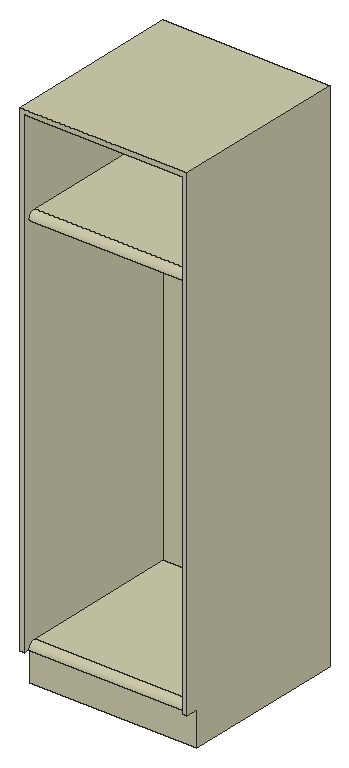
Revit family "Wenger Cabinet 09", category Furniture, Revit 2011
Parameters (values of type "Standard Cabinet #9")
  URL = "http://www.wengercorp.com/Home/Contact.html"
  Toekick Material [instance] = none
  RH End Panel [instance] = no
  Model = "09"
  Manufacturer = "Wenger Corporation"
  LH End Panel [instance] = no
  End Panel Material [instance] = none
  Edge Banding Material [instance] = none
  Door Material [instance] = none
  Description = "Standard Cabinet #9"
  Cabinet Width = 27 1/2"
  Cabinet Label = Labels : Standard
  Cabinet Height = 85 5/8"
  Cabinet Depth = 29 1/4"
  Cabinet Back Thickness = 3/4"
  Assembly Code = ""
Types (4): name | Model | Description | Cabinet Width | Cabinet Label | Cabinet Depth | Cabinet Back Thickness
  Standard Cabinet #9 | "09" | "Standard Cabinet #9" | 27 1/2" | Labels : Standard | 29 1/4" | 3/4"
  Acoustic Cabinet #9 | "09A" | "Acoustic Cabinet #9" | 27 1/2" | Labels : Acoustic | 31 3/4" | 3 1/4"
  Narrow Acoustic Cabinet #9 | "09NA" | "Narrow Acoustic Cabinet #9" | 21 1/2" | Labels : Narrow Acoustic | 31 3/4" | 3 1/4"
  Narrow Cabinet #9 | "09N" | "Narrow Cabinet #9" | 21 1/2" | Labels : Narrow | 29 1/4" | 3/4"
Reference planes (in)
  plane 1 "Front": y = 0
  plane 2: z = 0
  plane 3 "Left": x = 0
  plane 4 "Right": x = 27.5
  plane 5 "Back": y = 29.25
  plane 6 "Top": z = 85.625
  plane 7: z = 5.625
  plane 8: z = 69.025
  plane 9: x = 0.75
  plane 10: x = 26.75
  plane 11: z = 84.875
  plane 12: y = 28.5
  plane 13: y = 2
  plane 14: y = 0.75
  plane 15: z = 70.15
  plane 16: z = 6.75
Forms (in)
  Extrusion 1, solid, material "Wenger - Oyster"
    sketch origin (0, 0, 0) x (0, 1, 0) y (0, 0, 1)
      loop
        line (0, 85.625) -> (0, 5.625) -> (2, 5.625) -> (2, 0) -> (29.25, 0) -> (29.25, 85.625) -> (0, 85.625)
    from 0 to 27.5
  Extrusion 2, void
    sketch origin (0, 0, 0) x (0, 1, 0) y (0, 0, 1)
      loop
        line (-5.5, 84.875) -> (-5.5, 5.625) -> (0.75, 5.625)
        arc (0.75, 5.625) -> (1.18296, 6.40088) -> (2, 6.75) r 1.375
        line (2, 6.75) -> (28.5, 6.75) -> (28.5, 69.025) -> (0.75, 69.025)
        arc (0.75, 69.025) -> (1.18296, 69.80088) -> (2, 70.15) r 1.375
        line (2, 70.15) -> (28.5, 70.15) -> (28.5, 84.875) -> (-5.5, 84.875)
    from 0.75 to 26.75
Cuts and joins
  Extrusion 2 cuts Extrusion 1
Lines and regions (in)
  symbolic lines
    curve 1: line (0, 29.25, 0) -> (27.5, 29.25, 0)
    curve 2: line (0, 0, 0) -> (0, 29.25, 0)
    curve 3: line (27.5, 0, 0) -> (0, 0, 0)
    curve 4: line (27.5, 29.25, 0) -> (27.5, 0, 0)
Dimensions and locks (in)
  locked: plane 3 "Left" to plane 9 at 0.75
  locked: plane 10 to plane 4 "Right" at 0.75
  "Cabinet Back Thickness": plane 5 "Back" to plane 12
  locked: plane 1 "Front" to plane 14 at 0.75
  locked: plane 1 "Front" to plane 13 at 2
  locked: plane 15 to plane 8 at 1.125
  locked: plane 6 "Top" to plane 11 at 0.75
  plane 11 to plane 8 to plane 7 = 15.85", 63.4"
  locked: plane 16 to plane 7 at 1.125
  plane 10 to plane 3 "Left" = 26 3/4"
  "Cabinet Width": plane 3 "Left" to plane 4 "Right"
  locked: plane 7 to level at 5.625
  "Cabinet Height": plane 6 "Top" to level
  "Cabinet Depth": plane 1 "Front" to plane 5 "Back"
  plane 9 to plane 10 = 26"
  plane 11 to plane 7 = 79 1/4"
  plane 8 to plane 16 = 62.275"
  plane 11 to plane 15 = 14.725"
  aligned and locked: Extrusion 1 sketch curve to plane 6 "Top"
  aligned and locked: Extrusion 1 sketch curve to plane 5 "Back"
  aligned and locked: Extrusion 1 sketch curve to plane 1 "Front"
  aligned and locked: Extrusion 1 sketch curve to plane 7
  aligned and locked: Extrusion 1 sketch curve to plane 13
  aligned and locked: Extrusion 1 sketch curve to level
  aligned and locked: Extrusion 1 to plane 4 "Right"
  aligned and locked: Extrusion 1 to plane 3 "Left"
  aligned and locked: Extrusion 2 sketch curve to plane 11
  aligned and locked: Extrusion 2 sketch curve to plane 12
  aligned and locked: Extrusion 2 sketch curve to plane 8
  aligned and locked: Extrusion 2 sketch curve to plane 16
  aligned and locked: Extrusion 2 sketch curve to plane 15
  aligned and locked: Extrusion 2 to plane 9
  aligned and locked: plane 3 "Left" to curve 2
  aligned and locked: curve 1 to plane 5 "Back"
  aligned and locked: plane 4 "Right" to curve 4
  aligned and locked: curve 3 to plane 1 "Front"
  aligned and locked: Extrusion 2 to plane 10
Automatic sketch dimensions
  Extrusion 2 sketch curve to plane 7 = 0"
  Extrusion 2 sketch curve to plane 14 = 0"  (x2)
  Extrusion 2 sketch curve to plane 13 = 0"  (x2)
  Extrusion 2 sketch curve to plane 12 = 0"
  plane 1 "Front" to Extrusion 2 sketch curve = 5 1/2"
  Extrusion 2 sketch curve to plane 13 = 0.10279"  (x2)
Nested families (in)
  nested 1: "LH End Panel" at (0, 14.25, 0) x (0, -1, 0) z (0, 0, 1), End Panel Material <- "End Panel Material", visible <- "LH End Panel", Edge Banding Material <- "Edge Banding Material", type "20x84 LH"
    with End Panel Material none, Edge Banding Material none, End Panel Depth 29 1/4"
  nested 2: "RH End Panel" at (28.25, 14.25, 0) x (0, -1, 0) z (0, 0, 1), End Panel Material <- "End Panel Material", visible <- "RH End Panel", Edge Banding Material <- "Edge Banding Material", type "20x84 RH"
    with End Panel Material none, Edge Banding Material none, End Panel Depth 29 1/4"
  nested 3: "Labels" at (11.13107, 14.77328, 0), type <- "Cabinet Label", type "Standard"
  nested 4: "Front Note" at (12.82832, 0.75, 0), type "Front Note", detail levels medium+fine
Definition of nested family "LH End Panel"
  Parameters (values of type "20x84 LH")
    End Panel Material [instance] = none
    End Panel Height = 85 5/8"
    End Panel Depth = 19 1/4"
    Edge Banding Material [instance] = none
    Default Elevation = 48"
    Assembly Code = ""
  Reference planes (in)
    plane 1 "Center (Front/Back)": y = 0
    plane 2: z = 0
    plane 3 "Center (Left/Right)": x = 0
    plane 4: x = -15
    plane 5: x = 4.25
    plane 6: z = 5.625
    plane 7: x = 2.25
    plane 8: z = 85.625
    plane 9: y = -0.75
  Forms (in)
    Extrusion 1, solid, material <- "End Panel Material"
      sketch origin (0, 0, 0) x (1, 0, 0) y (0, 0, 1)
        loop
          line (-15, 85.625) -> (-15, 0) -> (2.25, 0) -> (2.25, 5.625) -> (4.25, 5.625) -> (4.25, 85.625) -> (-15, 85.625)
      from 0 to 0.75
  Dimensions and locks (in)
    locked: plane 7 to plane 5 at 2
    locked: plane 6 to level at 5.625
    "End Panel Height": plane 8 to level
    "End Panel Depth": plane 5 to plane 4
    locked: plane 9 to plane 1 "Center (Front/Back)" at 0.75
    aligned and locked: plane 4 to Extrusion 1 sketch curve
    aligned and locked: level to Extrusion 1 sketch curve
    aligned and locked: plane 7 to Extrusion 1 sketch curve
    aligned and locked: plane 6 to Extrusion 1 sketch curve
    aligned and locked: Extrusion 1 sketch curve to plane 5
    aligned and locked: Extrusion 1 sketch curve to plane 8
    aligned and locked: Extrusion 1 to plane 9
    aligned and locked: Extrusion 1 to plane 1 "Center (Front/Back)"
Definition of nested family "RH End Panel"
  Parameters (values of type "20x84 RH")
    End Panel Material [instance] = none
    End Panel Height = 85 5/8"
    End Panel Depth = 19 1/4"
    Edge Banding Material [instance] = none
    Default Elevation = 48"
    Assembly Code = ""
  Reference planes (in)
    plane 1 "Center (Front/Back)": y = 0
    plane 2: z = 0
    plane 3 "Center (Left/Right)": x = 0
    plane 4: x = -15
    plane 5: x = 4.25
    plane 6: z = 5.625
    plane 7: x = 2.25
    plane 8: z = 85.625
    plane 9: y = -0.75
  Forms (in)
    Extrusion 1, solid, material <- "End Panel Material"
      sketch origin (0, 0, 0) x (1, 0, 0) y (0, 0, 1)
        loop
          line (-15, 85.625) -> (-15, 0) -> (2.25, 0) -> (2.25, 5.625) -> (4.25, 5.625) -> (4.25, 85.625) -> (-15, 85.625)
      from 0 to 0.75
  Dimensions and locks (in)
    locked: plane 7 to plane 5 at 2
    locked: plane 6 to level at 5.625
    "End Panel Height": plane 8 to level
    "End Panel Depth": plane 5 to plane 4
    locked: plane 9 to plane 1 "Center (Front/Back)" at 0.75
    aligned and locked: plane 4 to Extrusion 1 sketch curve
    aligned and locked: level to Extrusion 1 sketch curve
    aligned and locked: plane 7 to Extrusion 1 sketch curve
    aligned and locked: plane 6 to Extrusion 1 sketch curve
    aligned and locked: Extrusion 1 sketch curve to plane 5
    aligned and locked: Extrusion 1 sketch curve to plane 8
    aligned and locked: Extrusion 1 to plane 9
    aligned and locked: Extrusion 1 to plane 1 "Center (Front/Back)"
Definition of nested family "Labels"
  Parameters (values of type "Standard")
    Cabinet Label = "01"
  Types (4): name | Cabinet Label
    Standard | "01"
    Narrow | "01N"
    Narrow Acoustic | "01NA"
    Acoustic | "01A"
  Reference planes (in)
    plane 1: y = 0
    plane 2: x = 0
  Text (in)
    label "xxxx" at (-0.00018, 0.00754, 0), shows "Cabinet Label"
Definition of nested family "Front Note"
  Parameters (values of type "Front Note")
    Cabinet Label = "Front"
  Reference planes (in)
    plane 1: y = 0
    plane 2: x = 0
  Text (in)
    label "Front" at (-0.00018, 0.00754, 0), shows "Cabinet Label"
